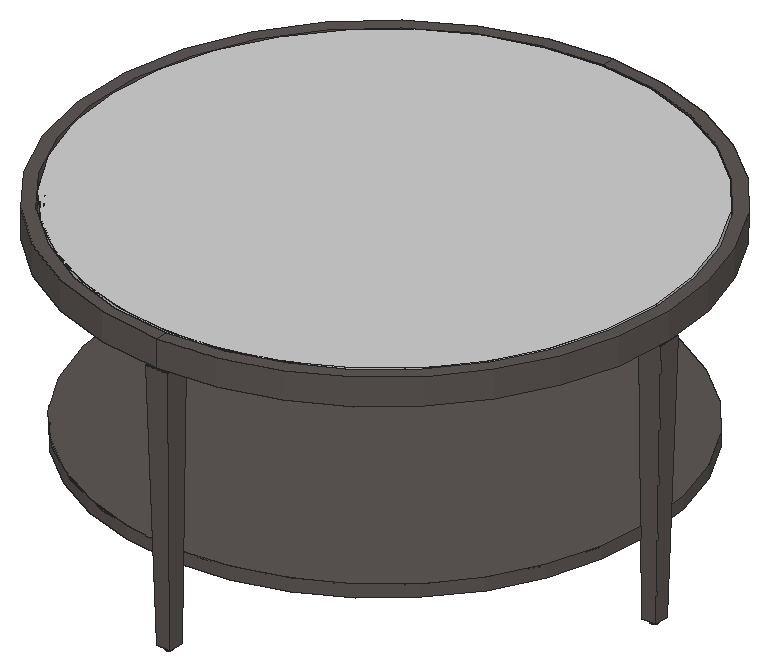
Revit family
Parameters
  URL = "http://www.martinbrattrud.com"
  Table Top [instance] = none
  SCS Certified Product = "Yes"
  Model = "Knightswood 2210-36CL"
  Manufacturer = "Martin Brattrud, Inc."
  Table Wood [instance] = none
  Leg [instance] = none
  Keynote = "125000"
  Copyright = "© 2013 Martin Brattrud, Inc."
  Authoring Version = "Revit Architecture 2010"
  Assembly Code = "E2020200"
Reference planes (in)
  plane 1 "Center Front/Back": y = 0
  plane 2: z = 0
  plane 3 "Center Left/Right": x = 0
  plane 4: z = 18
Forms (in)
  Revolve 1, solid, material <- "Table Wood"
    sketch origin (0, 0, -4) x (0, 1, 0) y (0, 0, 1)
      loop
        line (18, 22) -> (17.25, 22) -> (17.25, 21.5) -> (16.875, 21.5) -> (16.875, 20.3125) -> (18, 20.3125) -> (18, 22)
      axis (0, 22) -> (0, 20.3125)
    angle from 0 to 360
  Blend 2, solid, material <- "Table Wood"
    base sketch origin (-8, 0, 0) x (1, 0, 0) y (0, 1, 0)
      loop
        line (-8.59508, 0.69) -> (-9.97508, 0.69) -> (-9.97508, -0.69) -> (-8.59508, -0.69) -> (-8.59508, 0.69)
    top sketch origin (-8, 0, 0) x (1, 0, 0) y (0, 1, 0)
      loop
        line (-8.59508, 0.4375) -> (-9.47008, 0.4375) -> (-9.47008, -0.4375) -> (-8.59508, -0.4375) -> (-8.59508, 0.4375)
    from 16.25 to 0.25
  Revolve 3, solid
    sketch origin (0, 17.03258, 0) x (0, 1, 0) y (0, 0, 1)
      loop
        line (0, 0.25) -> (0, 0) -> (0.125, 0)
        arc (0.125, 0) -> (0.21339, 0.03661) -> (0.25, 0.125) r 0.125
        line (0.25, 0.125) -> (0.25, 0.25) -> (0, 0.25)
      axis (0, 0.25) -> (0, 0)
    angle from 0 to 360
  Blend 4, solid, material <- "Table Wood"
    base sketch origin (8, 0, 0) x (-1, 0, 0) y (0, -1, 0)
      loop
        line (-8.59508, -0.69) -> (-8.59508, 0.69) -> (-9.97508, 0.69) -> (-9.97508, -0.69) -> (-8.59508, -0.69)
    top sketch origin (8, 0, 0) x (-1, 0, 0) y (0, -1, 0)
      loop
        line (-8.59508, -0.4375) -> (-8.59508, 0.4375) -> (-9.47008, 0.4375) -> (-9.47008, -0.4375) -> (-8.59508, -0.4375)
    from 16.25 to 0.25
  Blend 5, solid, material <- "Table Wood"
    base sketch origin (0, -8, 0) x (0, 1, 0) y (-1, 0, 0)
      loop
        line (-8.59508, 0.69) -> (-9.97508, 0.69) -> (-9.97508, -0.69) -> (-8.59508, -0.69) -> (-8.59508, 0.69)
    top sketch origin (0, -8, 0) x (0, 1, 0) y (-1, 0, 0)
      loop
        line (-8.59508, 0.4375) -> (-9.47008, 0.4375) -> (-9.47008, -0.4375) -> (-8.59508, -0.4375) -> (-8.59508, 0.4375)
    from 16.25 to 0.25
  Blend 6, solid, material <- "Table Wood"
    base sketch origin (0, 8, 0) x (0, -1, 0) y (1, 0, 0)
      loop
        line (-8.59508, 0.69) -> (-9.97508, 0.69) -> (-9.97508, -0.69) -> (-8.59508, -0.69) -> (-8.59508, 0.69)
    top sketch origin (0, 8, 0) x (0, -1, 0) y (1, 0, 0)
      loop
        line (-8.59508, 0.4375) -> (-9.47008, 0.4375) -> (-9.47008, -0.4375) -> (-8.59508, -0.4375) -> (-8.59508, 0.4375)
    from 16.25 to 0.25
  Revolve 7, solid
    sketch origin (0, -17.03258, 0) x (0, -1, 0) y (0, 0, 1)
      loop
        line (0, 0.25) -> (0, 0) -> (0.125, 0)
        arc (0.125, 0) -> (0.21339, 0.03661) -> (0.25, 0.125) r 0.125
        line (0.25, 0.125) -> (0.25, 0.25) -> (0, 0.25)
      axis (0, 0.25) -> (0, 0)
    angle from 0 to 360
  Revolve 8, solid
    sketch origin (-17.03258, 0, 0) x (-1, 0, 0) y (0, 0, 1)
      loop
        line (0, 0.25) -> (0, 0) -> (0.125, 0)
        arc (0.125, 0) -> (0.21339, 0.03661) -> (0.25, 0.125) r 0.125
        line (0.25, 0.125) -> (0.25, 0.25) -> (0, 0.25)
      axis (0, 0.25) -> (0, 0)
    angle from 0 to 360
  Revolve 9, solid
    sketch origin (17.03258, 0, 0) x (1, 0, 0) y (0, 0, -1)
      loop
        line (0, -0.25) -> (0.25, -0.25) -> (0.25, -0.125)
        arc (0.25, -0.125) -> (0.21339, -0.03661) -> (0.125, 0) r 0.125
        line (0.125, 0) -> (0, 0) -> (0, -0.25)
      axis (0, -0.25) -> (0, 0)
    angle from 0 to 360
  Extrusion 10, solid, material <- "Table Wood"
    sketch origin (0, 0, 0) x (1, 0, 0) y (0, 1, 0)
      loop
        circle (0, 0) r 16.62504
    from 4.75 to 5.5
  Extrusion 11, solid, material <- "Table Top"
    sketch origin (0, 0, -4) x (1, 0, 0) y (0, 1, 0)
      loop
        circle (0, 0) r 17.125
    from 21.5 to 22
  Extrusion 12, solid, material <- "Table Wood"
    sketch origin (-0.065, 0, -4) x (1, 0, 0) y (0, 1, 0)
      loop
        line (-17.84508, 0.625) -> (-17.84508, -0.625) -> (-16.53008, -0.625) -> (-16.53008, 0.625) -> (-17.84508, 0.625)
      loop
        line (17.97508, 0.625) -> (16.66008, 0.625) -> (16.66008, -0.625) -> (17.97508, -0.625) -> (17.97508, 0.625)
      loop
        line (-0.56, -17.91008) -> (0.69, -17.91008) -> (0.69, -16.59508) -> (-0.56, -16.59508) -> (-0.56, -17.91008)
      loop
        line (-0.56, 17.91008) -> (-0.56, 16.59508) -> (0.69, 16.59508) -> (0.69, 17.91008) -> (-0.56, 17.91008)
    from 20.25 to 20.3125
